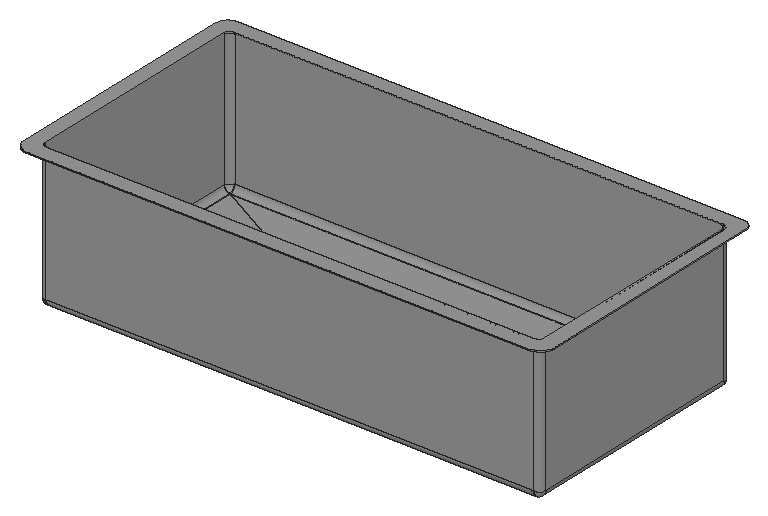
Revit family "BUILDMAT-SNA01017-Seville-900-Stainless Steel", category Plumbing Fixtures, host Face, Revit 2020
Family settings
  Host = Face
  Round Connector Dimension = Use Diameter
  Part Type = Normal
  Cut with Voids When Loaded = No
  Shared = No
  Room Calculation Point = No
Parameters (values of type "Seville 900x450x250mm")
  Width = 850.0 mm
  Undermount [instance] = 0.0 mm
  URL = "https://www.buildmat.com.au/products/900x450x250-single-bowl-sink"
  Side Sound Pad = yes
  Side Brackets = yes
  Model = "SNA01017"  # constant formula
  Middle Sound Pad = no
  Middle Bracket = yes
  Manufacturer URL = "https://www.buildmat.com.au/"
  Manufacturer = "BUILDMAT"  # constant formula
  Length = 400.0 mm
  Description = "BUILDMAT - Seville 900x450 XXLarge Single Bowl Sink"  # constant formula
  Depth = 250.0 mm
  Default Elevation = 1219.2 mm
  Created By URL = "https://www.buildmat.com.au/"
  Created By = "BUILDMAT"  # constant formula
  Created = "22.06.2022"  # constant formula
  Material = BUILDMAT Stainless Steel
Reference planes
  plane 1 "Center (Front/Back)": y = 0
  plane 2: z = 0
  plane 3 "Center (Left/Right)": x = 0
  plane 4 "Top Substrate": z = 0
  plane 5 "Left": x = -425
  plane 6 "Right": x = 425
  plane 7 "Back": y = 200
  plane 8 "Front": y = -200
  plane 9: x = -450
  plane 10: x = 450
  plane 11: y = -225
  plane 12: y = 225
  plane 13 "Bottom Void": z = -250
  plane 14: z = 1.5
  plane 15: x = -426.5
  plane 16: y = -201.5
  plane 17: x = 426.5
  plane 18: y = 201.5
  plane 19: z = -240
  plane 20: z = -230
  plane 21: x = -415
  plane 22: x = 415
  plane 23: y = -190
  plane 24: y = 190
  plane 25: z = -245
  plane 26: z = -241.5
  plane 27: z = -246.5
  plane 28: x = -100
  plane 29: x = 100
  plane 30 "Sound Pad": z = -130
  plane 31 "Front Bracket": y = -100
  plane 32 "Back Bracket": y = 100
  plane 33: x = -325
  plane 34: x = 325
  plane 35: x = -57
  plane 36: x = 57
  plane 37: x = -45
  plane 38: x = 45
Forms (mm)
  Extrusion 1, void
    sketch origin (0, 0, 0) x (1, 0, 0) y (0, 1, 0)
      loop
        arc (-415, 200) -> (-422.071, 197.071) -> (-425, 190) r 10
        line (-425, 190) -> (-425, -190)
        arc (-425, -190) -> (-422.071, -197.071) -> (-415, -200) r 10
        line (-415, -200) -> (415, -200)
        arc (415, -200) -> (422.071, -197.071) -> (425, -190) r 10
        line (425, -190) -> (425, 190)
        arc (425, 190) -> (422.071, 197.071) -> (415, 200) r 10
        line (415, 200) -> (-415, 200)
    from 0 to 1.5
  Extrusion 2, void
    sketch origin (0, 0, 0) x (1, 0, 0) y (0, 1, 0)
      loop
        line (-426.5, 201.5) -> (-426.5, -201.5) -> (426.5, -201.5) -> (426.5, 201.5) -> (-426.5, 201.5)
    from 0 to -250
  Extrusion 3, void
    sketch origin (0, 0, 0) x (1, 0, 0) y (0, 1, 0)
      loop
        arc (-430, 225) -> (-444.142, 219.142) -> (-450, 205) r 20
        line (-450, 205) -> (-450, -205)
        arc (-450, -205) -> (-444.142, -219.142) -> (-430, -225) r 20
        line (-430, -225) -> (430, -225)
        arc (430, -225) -> (444.142, -219.142) -> (450, -205) r 20
        line (450, -205) -> (450, 205)
        arc (450, 205) -> (444.142, 219.142) -> (430, 225) r 20
        line (430, 225) -> (-430, 225)
    from 1.5 to 0
  Extrusion 4, solid, material "BUILDMAT Stainless Steel" <- "Material"
    sketch origin (0, 0, 0) x (-1, 0, 0) y (0, -1, 0)
      loop
        arc (430, -225) -> (444.142, -219.142) -> (450, -205) r 20
        line (450, -205) -> (450, 205)
        arc (450, 205) -> (444.142, 219.142) -> (430, 225) r 20
        line (430, 225) -> (-430, 225)
        arc (-430, 225) -> (-444.142, 219.142) -> (-450, 205) r 20
        line (-450, 205) -> (-450, -205)
        arc (-450, -205) -> (-444.142, -219.142) -> (-430, -225) r 20
        line (-430, -225) -> (430, -225)
      loop
        arc (415, -200) -> (422.071, -197.071) -> (425, -190) r 10
        line (425, -190) -> (425, 190)
        arc (425, 190) -> (422.071, 197.071) -> (415, 200) r 10
        line (415, 200) -> (-415, 200)
        arc (-415, 200) -> (-422.071, 197.071) -> (-425, 190) r 10
        line (-425, 190) -> (-425, -190)
        arc (-425, -190) -> (-422.071, -197.071) -> (-415, -200) r 10
        line (-415, -200) -> (415, -200)
    from 0 to 1.5
  Extrusion 5, solid, material "BUILDMAT Stainless Steel" <- "Material"
    sketch origin (0, 0, 0) x (-1, 0, 0) y (0, -1, 0)
      loop
        arc (415, -201.5) -> (423.132, -198.132) -> (426.5, -190) r 11.5
        line (426.5, -190) -> (426.5, 190)
        arc (426.5, 190) -> (423.132, 198.132) -> (415, 201.5) r 11.5
        line (415, 201.5) -> (-415, 201.5)
        arc (-415, 201.5) -> (-423.132, 198.132) -> (-426.5, 190) r 11.5
        line (-426.5, 190) -> (-426.5, -190)
        arc (-426.5, -190) -> (-423.132, -198.132) -> (-415, -201.5) r 11.5
        line (-415, -201.5) -> (415, -201.5)
      loop
        arc (-415, 200) -> (-422.071, 197.071) -> (-425, 190) r 10
        line (-425, 190) -> (-425, -190)
        arc (-425, -190) -> (-422.071, -197.071) -> (-415, -200) r 10
        line (-415, -200) -> (415, -200)
        arc (415, -200) -> (422.071, -197.071) -> (425, -190) r 10
        line (425, -190) -> (425, 190)
        arc (425, 190) -> (422.071, 197.071) -> (415, 200) r 10
        line (415, 200) -> (-415, 200)
    from 0 to -230
  Revolve 6, solid, material "BUILDMAT Stainless Steel" <- "Material"
    sketch origin (-175.162, 190, 1219.2) x (-1, 0, 0) y (0, 0, 1)
      loop
        line (-600.162, -1449.2) -> (-601.662, -1449.2)
        arc (-601.662, -1449.2) -> (-598.293, -1457.332) -> (-590.162, -1460.7) r 11.5
        line (-590.162, -1460.7) -> (-590.162, -1459.2)
        arc (-590.162, -1459.2) -> (-597.233, -1456.271) -> (-600.162, -1449.2) r 10
      axis (-590.162, -1460.7) -> (-590.162, -1449.2)
    angle from 0 to -90
  Revolve 7, solid, material "BUILDMAT Stainless Steel" <- "Material"
    sketch origin (-175.162, 190, 1219.2) x (-1, 0, 0) y (0, 0, 1)
      loop
        arc (249.838, -1449.2) -> (246.909, -1456.271) -> (239.838, -1459.2) r 10
        line (239.838, -1459.2) -> (239.838, -1460.7)
        arc (239.838, -1460.7) -> (247.97, -1457.332) -> (251.338, -1449.2) r 11.5
        line (251.338, -1449.2) -> (249.838, -1449.2)
      axis (239.838, -1449.2) -> (239.838, -1460.7)
    angle from 0 to -90
  Revolve 8, solid, material "BUILDMAT Stainless Steel" <- "Material"
    sketch origin (-175.162, -190, 1219.2) x (-1, 0, 0) y (0, 0, 1)
      loop
        arc (249.838, -1449.2) -> (246.909, -1456.271) -> (239.838, -1459.2) r 10
        line (239.838, -1459.2) -> (239.838, -1460.7)
        arc (239.838, -1460.7) -> (247.97, -1457.332) -> (251.338, -1449.2) r 11.5
        line (251.338, -1449.2) -> (249.838, -1449.2)
      axis (239.838, -1449.2) -> (239.838, -1460.7)
    angle from 0 to 90
  Revolve 9, solid, material "BUILDMAT Stainless Steel" <- "Material"
    sketch origin (-175.162, -190, 1219.2) x (-1, 0, 0) y (0, 0, 1)
      loop
        line (-600.162, -1449.2) -> (-601.662, -1449.2)
        arc (-601.662, -1449.2) -> (-598.293, -1457.332) -> (-590.162, -1460.7) r 11.5
        line (-590.162, -1460.7) -> (-590.162, -1459.2)
        arc (-590.162, -1459.2) -> (-597.233, -1456.271) -> (-600.162, -1449.2) r 10
      axis (-590.162, -1449.2) -> (-590.162, -1460.7)
    angle from 0 to 90
  Extrusion 10, solid, material "BUILDMAT Stainless Steel" <- "Material"
    sketch origin (0, 0, 0) x (1, 0, 0) y (0, 0, 1)
      loop
        line (-425, -230) -> (-426.5, -230)
        arc (-426.5, -230) -> (-423.132, -238.132) -> (-415, -241.5) r 11.5
        line (-415, -241.5) -> (-415, -240)
        arc (-415, -240) -> (-422.071, -237.071) -> (-425, -230) r 10
    from -190 to 190
  Extrusion 11, solid, material "BUILDMAT Stainless Steel" <- "Material"
    sketch origin (0, 0, 0) x (1, 0, 0) y (0, 0, 1)
      loop
        arc (425, -230) -> (422.071, -237.071) -> (415, -240) r 10
        line (415, -240) -> (415, -241.5)
        arc (415, -241.5) -> (423.132, -238.132) -> (426.5, -230) r 11.5
        line (426.5, -230) -> (425, -230)
    from -190 to 190
  Extrusion 12, solid, material "BUILDMAT Stainless Steel" <- "Material"
    sketch origin (0, 0, 0) x (0, 1, 0) y (0, 0, 1)
      loop
        arc (200, -230) -> (197.071, -237.071) -> (190, -240) r 10
        line (190, -240) -> (190, -241.5)
        arc (190, -241.5) -> (198.132, -238.132) -> (201.5, -230) r 11.5
        line (201.5, -230) -> (200, -230)
    from -415 to 415
  Extrusion 13, solid, material "BUILDMAT Stainless Steel" <- "Material"
    sketch origin (0, 0, 0) x (0, 1, 0) y (0, 0, 1)
      loop
        line (-200, -230) -> (-201.5, -230)
        arc (-201.5, -230) -> (-198.132, -238.132) -> (-190, -241.5) r 11.5
        line (-190, -241.5) -> (-190, -240)
        arc (-190, -240) -> (-197.071, -237.071) -> (-200, -230) r 10
    from -415 to 415
  Revolve 14, solid, material "BUILDMAT Stainless Steel" <- "Material"
    sketch origin (0, 0, 0) x (1, 0, 0) y (0, 0, 1)
      loop
        line (-45, -250) -> (-45, -248.5)
        spline (-45, -248.5) -> (-46.484, -248.459) -> (-47.939, -248.339) -> (-49.337, -248.141) -> (-50.649, -247.871) -> (-51.848, -247.537) -> (-52.908, -247.151) -> (-53.805, -246.726) -> (-54.514, -246.283) -> (-55.023, -245.856) -> (-55.329, -245.483) -> (-55.468, -245.202) -> (-55.5, -245)
        line (-55.5, -245) -> (-57, -245)
        spline (-57, -245) -> (-56.897, -245.653) -> (-56.591, -246.294) -> (-56.087, -246.913) -> (-55.392, -247.5) -> (-54.52, -248.044) -> (-53.485, -248.536) -> (-52.305, -248.967) -> (-51, -249.33) -> (-49.592, -249.619) -> (-48.106, -249.83) -> (-46.566, -249.957) -> (-45, -250)
      axis (0, -245) -> (0, -250)
    angle from 0 to 360
  Blend 15, solid, material "BUILDMAT Stainless Steel" <- "Material"
    base sketch origin (0, 0, 0) x (-1, 0, 0) y (0, -1, 0)
      loop
        circle (0, 0) r 57
    top sketch origin (0, 0, 0) x (-1, 0, 0) y (0, -1, 0)
      loop
        line (415, -190) -> (415, 190) -> (-415, 190) -> (-415, -190) -> (415, -190)
    from -246.5 to -241.5
  Blend 16, void
    base sketch origin (0, 0, 0) x (-1, 0, 0) y (0, -1, 0)
      loop
        circle (0, 0) r 57
    top sketch origin (0, 0, 0) x (-1, 0, 0) y (0, -1, 0)
      loop
        line (415, -190) -> (415, 190) -> (-415, 190) -> (-415, -190) -> (415, -190)
    from -245 to -240
  Extrusion 17, solid, material "BUILDMAT Stainless Steel" <- "Material"
    sketch origin (0, 0, 0) x (-1, 0, 0) y (0, -1, 0)
      loop
        line (415, -190) -> (415, 190) -> (-415, 190) -> (-415, -190) -> (415, -190)
    from -241.5 to -240
  Extrusion 18, void
    sketch origin (0, 0, 0) x (-1, 0, 0) y (0, -1, 0)
      loop
        circle (0, 0) r 57
    from -250 to -230
Cuts and joins
  joined: Extrusion 4, Extrusion 5
  joined: Revolve 6, Revolve 9
  joined: Revolve 7, Revolve 8
  Blend 16, Extrusion 18 cuts Blend 15
  Blend 16, Extrusion 18 cuts Extrusion 17
  joined: Blend 15, Extrusion 17
Lines and regions (mm)
  Masking region 1
    outline origin (0, 0, 0) x (1, 0, 0) y (0, 0, 1)
      loop
        line (425, 0) -> (-425, 0) -> (-425, -230)
        arc (-425, -230) -> (-422.071, -237.071) -> (-415, -240) r 10
        line (-415, -240) -> (-57, -245) -> (57, -245) -> (415, -240)
        arc (415, -240) -> (422.071, -237.071) -> (425, -230) r 10
        line (425, -230) -> (425, 0)
  Masking region 2
    outline origin (0, 0, 0) x (1, 0, 0) y (0, 0, 1)
      loop
        line (-100, -245.899) -> (-100, -250) -> (-57, -250) -> (-57, -246.5) -> (-100, -245.899)
  Masking region 3
    outline origin (0, 0, 0) x (1, 0, 0) y (0, 0, 1)
      loop
        line (57, -246.5) -> (57, -250) -> (100, -250) -> (100, -245.899) -> (57, -246.5)
Text (mm)
  text "Refer to www.buildmat.com.au for the most current product literature. \nAllow a +/- 5mm tolerance for dimensions shown in the product literature. \nPlease note product details are subject to change due to ongoing product development." at (0.056, -1035.857, 0), in view "Ref. Level"
Dimensions and locks
  "Undermount": plane 2 to plane 4 "Top Substrate"
  equal spacing: plane 5 "Left", plane 3 "Center (Left/Right)", plane 6 "Right"
  "Width": plane 5 "Left" to plane 6 "Right"
  "Length": plane 7 "Back" to plane 8 "Front"
  equal spacing: plane 7 "Back", plane 1 "Center (Front/Back)", plane 8 "Front"
  locked: plane 12 to plane 7 "Back" at 25
  locked: plane 8 "Front" to plane 11 at 25
  locked: plane 9 to plane 5 "Left" at 25
  locked: plane 6 "Right" to plane 10 at 25
  "Depth": plane 4 "Top Substrate" to plane 13 "Bottom Void"
  locked: plane 14 to plane 4 "Top Substrate" at 1.5
  locked: plane 18 to plane 7 "Back" at 1.5
  locked: plane 8 "Front" to plane 16 at 1.5
  plane 15 to plane 5 "Left" = 1.5 mm
  plane 6 "Right" to plane 17 = 1.5 mm
  plane 20 to plane 19 to plane 13 "Bottom Void" = 10.0 mm, 10.0 mm
  locked: plane 5 "Left" to plane 21 at 10
  locked: plane 22 to plane 6 "Right" at 10
  locked: plane 7 "Back" to plane 24 at 10
  locked: plane 23 to plane 8 "Front" at 10
  locked: plane 19 to plane 26 at 1.5
  locked: plane 25 to plane 13 "Bottom Void" at 5
  locked: plane 25 to plane 27 at 1.5
  plane 29 to plane 3 "Center (Left/Right)" to plane 28 = 100.0 mm locked, 100.0 mm locked
  locked: plane 30 "Sound Pad" to plane 13 "Bottom Void" at 120
  locked: plane 7 "Back" to plane 32 "Back Bracket" at 100
  locked: plane 31 "Front Bracket" to plane 8 "Front" at 100
  locked: plane 33 to plane 5 "Left" at 100
  locked: plane 6 "Right" to plane 34 at 100
  equal spacing: plane 3 "Center (Left/Right)", nested 15, plane 33
  equal spacing: plane 34, nested 16, plane 3 "Center (Left/Right)"
  plane 37 to plane 3 "Center (Left/Right)" to plane 38 = 45.0 mm locked, 45.0 mm locked
  plane 35 to plane 3 "Center (Left/Right)" to plane 36 = 57.0 mm locked, 57.0 mm locked
  aligned and locked: plane 2 to host face
  aligned and locked: level to host face
  aligned and locked: plane 8 "Front" to Extrusion 1 sketch curve
  aligned and locked: Extrusion 1 sketch curve to plane 7 "Back"
  aligned and locked: plane 5 "Left" to Extrusion 1 sketch curve
  aligned and locked: Extrusion 1 sketch curve to plane 6 "Right"
  aligned and locked: plane 2 to Extrusion 1
  aligned and locked: plane 14 to Extrusion 1
  aligned and locked: Extrusion 2 sketch curve to plane 16
  aligned and locked: Extrusion 2 sketch curve to plane 18
  aligned and locked: plane 15 to Extrusion 2 sketch curve
  aligned and locked: plane 17 to Extrusion 2 sketch curve
  aligned and locked: Extrusion 2 to plane 13 "Bottom Void"
  aligned and locked: plane 4 "Top Substrate" to Extrusion 2
  aligned and locked: Extrusion 3 sketch curve to plane 11
  aligned and locked: plane 9 to Extrusion 3 sketch curve
  aligned and locked: Extrusion 3 sketch curve to plane 10
  aligned and locked: Extrusion 3 sketch curve to plane 12
  aligned and locked: Extrusion 3 to plane 4 "Top Substrate"
  aligned and locked: Extrusion 3 to plane 14
  aligned and locked: Extrusion 4 sketch curve to plane 11
  aligned and locked: Extrusion 4 sketch curve to plane 12
  aligned and locked: plane 9 to Extrusion 4 sketch curve
  aligned and locked: Extrusion 4 sketch curve to plane 10
  aligned and locked: plane 5 "Left" to Extrusion 4 sketch curve
  aligned and locked: Extrusion 4 sketch curve to plane 6 "Right"
  aligned and locked: Extrusion 4 sketch curve to plane 7 "Back"
  aligned and locked: plane 8 "Front" to Extrusion 4 sketch curve
  aligned and locked: Extrusion 5 sketch curve to plane 7 "Back"
  aligned and locked: plane 5 "Left" to Extrusion 5 sketch curve
  aligned and locked: Extrusion 5 sketch curve to plane 6 "Right"
  aligned and locked: plane 8 "Front" to Extrusion 5 sketch curve
  aligned and locked: plane 15 to Extrusion 5 sketch curve
  aligned and locked: Extrusion 5 sketch curve to plane 16
  aligned and locked: plane 17 to Extrusion 5 sketch curve
  aligned and locked: Extrusion 5 sketch curve to plane 18
  aligned and locked: Extrusion 5 to plane 20
  aligned and locked: plane 4 "Top Substrate" to Extrusion 5
  aligned and locked: Extrusion 11 to plane 23
  aligned and locked: plane 24 to Extrusion 11
  aligned and locked: plane 24 to Extrusion 10
  aligned and locked: Extrusion 10 to plane 23
  aligned and locked: Extrusion 13 to plane 21
  aligned and locked: plane 22 to Extrusion 13
  aligned and locked: plane 22 to Extrusion 12
  aligned and locked: Extrusion 12 to plane 21
  aligned and locked: plane 21 to Blend 15 sketch curve
  aligned and locked: Blend 15 sketch curve to plane 22
  aligned and locked: Blend 15 sketch curve to plane 23
  aligned and locked: Blend 15 sketch curve to plane 24
  aligned and locked: plane 27 to Blend 15
  aligned and locked: Blend 15 to plane 26
  aligned and locked: Blend 16 sketch curve to plane 24
  aligned and locked: plane 21 to Blend 16 sketch curve
  aligned and locked: Blend 16 sketch curve to plane 22
  aligned and locked: Blend 16 sketch curve to plane 23
  aligned and locked: Blend 16 to plane 25
  aligned and locked: Blend 16 to plane 19
  aligned and locked: Extrusion 17 sketch curve to plane 24
  aligned and locked: Extrusion 17 sketch curve to plane 23
  aligned and locked: plane 21 to Extrusion 17 sketch curve
  aligned and locked: Extrusion 17 sketch curve to plane 22
  aligned and locked: Extrusion 17 to plane 26
  aligned and locked: Extrusion 17 to plane 19
  aligned and locked: Extrusion 18 to plane 13 "Bottom Void"
  aligned and locked: plane 20 to Extrusion 18
  aligned and locked: cut or joined group of Blend 15, Blend 16, Extrusion 17, Extrusion 18 to Masking region 2 sketch curve
  aligned and locked: Masking region 3 sketch curve to cut or joined group of Blend 15, Blend 16, Extrusion 17, Extrusion 18
  aligned and locked: plane 3 "Center (Left/Right)" to nested 1
  aligned and locked: nested 1 to plane 4 "Top Substrate"
  aligned and locked: plane 3 "Center (Left/Right)" to nested 2
  aligned and locked: nested 2 to plane 30 "Sound Pad"
  aligned and locked: nested 3 to plane 18
  aligned and locked: plane 3 "Center (Left/Right)" to nested 3
  aligned and locked: plane 16 to nested 4
  aligned and locked: nested 4 to plane 3 "Center (Left/Right)"
  aligned and locked: plane 31 "Front Bracket" to nested 6
  aligned and locked: plane 15 to nested 6
  aligned and locked: plane 31 "Front Bracket" to nested 8
  aligned and locked: plane 17 to nested 8
  aligned and locked: plane 32 "Back Bracket" to nested 7
  aligned and locked: plane 17 to nested 7
  aligned and locked: plane 32 "Back Bracket" to nested 5
  aligned and locked: plane 15 to nested 5
  aligned and locked: nested 9 to plane 4 "Top Substrate"
  aligned and locked: nested 9 to plane 33
  aligned and locked: nested 10 to plane 4 "Top Substrate"
  aligned and locked: nested 10 to plane 34
  aligned and locked: nested 13 to plane 33
  aligned and locked: nested 14 to plane 34
  aligned and locked: plane 16 to nested 13
  aligned and locked: nested 14 to plane 16
  aligned and locked: plane 33 to nested 11
  aligned and locked: nested 11 to plane 18
  aligned and locked: plane 34 to nested 12
  aligned and locked: plane 18 to nested 12
  aligned and locked: nested 15 to plane 30 "Sound Pad"
  aligned and locked: nested 16 to plane 30 "Sound Pad"
  aligned and locked: nested 17 to plane 23
  aligned and locked: nested 17 to plane 24
  aligned and locked: plane 22 to nested 17
  aligned and locked: plane 21 to nested 17
  aligned and locked: plane 3 "Center (Left/Right)" to nested 18
  aligned and locked: plane 1 "Center (Front/Back)" to nested 18
  aligned and locked: plane 4 "Top Substrate" to Masking region 1
Automatic sketch dimensions
  host sketch curve to host sketch curve = 2438.4 mm  (x2)
  plane 5 "Left" to Extrusion 1 sketch curve = 10.0 mm  (x2)
  Extrusion 1 sketch curve to plane 6 "Right" = 10.0 mm  (x2)
  Extrusion 4 sketch curve to plane 10 = 20.0 mm  (x2)
  Extrusion 4 sketch curve to Extrusion 4 sketch curve = 10.0 mm  (x2)
  plane 5 "Left" to Extrusion 4 sketch curve = 10.0 mm
  plane 9 to Extrusion 4 sketch curve = 20.0 mm
  plane 8 "Front" to Extrusion 4 sketch curve = 10.0 mm
  plane 11 to Extrusion 4 sketch curve = 20.0 mm
  Extrusion 3 sketch curve to plane 5 "Left" = 5.0 mm
  plane 6 "Right" to Extrusion 3 sketch curve = 5.0 mm  (x2)
  plane 7 "Back" to Extrusion 3 sketch curve = 5.0 mm
  plane 5 "Left" to Extrusion 5 sketch curve = 10.0 mm
  Extrusion 5 sketch curve to plane 6 "Right" = 10.0 mm
  plane 8 "Front" to Extrusion 5 sketch curve = 10.0 mm
  Extrusion 5 sketch curve to plane 7 "Back" = 10.0 mm
  Extrusion 5 sketch curve to Extrusion 5 sketch curve = 0.0 mm  (x4)
  Revolve 6 sketch curve to Revolve 6 sketch curve = 0.0 mm  (x3)
  plane 17 to Revolve 6 sketch curve = 0.0 mm
  Revolve 6 sketch curve to plane 6 "Right" = 0.0 mm
  Revolve 6 sketch curve to plane 22 = 0.0 mm  (x2)
  Revolve 6 sketch curve to plane 19 = 0.0 mm
  Revolve 6 sketch curve to plane 20 = 0.0 mm
  Revolve 7 sketch curve to Revolve 7 sketch curve = 0.0 mm  (x3)
  Revolve 7 sketch curve to plane 20 = 0.0 mm  (x2)
  Revolve 7 sketch curve to plane 21 = 0.0 mm  (x2)
  Revolve 7 sketch curve to plane 5 "Left" = 0.0 mm
  Revolve 7 sketch curve to plane 15 = 0.0 mm
  Revolve 8 sketch curve to Revolve 8 sketch curve = 0.0 mm  (x3)
  Revolve 8 sketch curve to plane 20 = 0.0 mm  (x2)
  Revolve 8 sketch curve to plane 21 = 0.0 mm  (x2)
  Revolve 8 sketch curve to plane 5 "Left" = 0.0 mm
  Revolve 8 sketch curve to plane 15 = 0.0 mm
  Revolve 9 sketch curve to Revolve 9 sketch curve = 0.0 mm  (x3)
  plane 17 to Revolve 9 sketch curve = 0.0 mm
  Revolve 9 sketch curve to plane 6 "Right" = 0.0 mm
  Revolve 9 sketch curve to plane 22 = 0.0 mm  (x2)
  Revolve 9 sketch curve to plane 20 = 0.0 mm
  Revolve 9 sketch curve to plane 19 = 0.0 mm
  Extrusion 10 sketch curve to plane 15 = 0.0 mm
  Extrusion 10 sketch curve to plane 5 "Left" = 0.0 mm
  Extrusion 10 sketch curve to plane 19 = 0.0 mm
  Extrusion 10 sketch curve to plane 21 = 0.0 mm
  Extrusion 11 sketch curve to plane 20 = 0.0 mm
  Extrusion 11 sketch curve to plane 22 = 0.0 mm
  Extrusion 11 sketch curve to plane 6 "Right" = 0.0 mm
  plane 17 to Extrusion 11 sketch curve = 0.0 mm
  Extrusion 12 sketch curve to plane 20 = 0.0 mm
  Extrusion 12 sketch curve to plane 24 = 0.0 mm
  Extrusion 12 sketch curve to plane 7 "Back" = 0.0 mm
  Extrusion 12 sketch curve to plane 18 = 0.0 mm
  Extrusion 13 sketch curve to plane 16 = 0.0 mm
  Extrusion 13 sketch curve to plane 8 "Front" = 0.0 mm
  Extrusion 13 sketch curve to plane 23 = 0.0 mm
  Extrusion 13 sketch curve to plane 19 = 0.0 mm
  Revolve 14 sketch curve to plane 25 = 0.0 mm
  Revolve 14 sketch curve to plane 13 "Bottom Void" = 0.0 mm  (x2)
  Revolve 14 sketch curve to plane 3 "Center (Left/Right)" = 0.0 mm
  Revolve 14 sketch curve to plane 20 = 0.0 mm
  Revolve 14 sketch curve to plane 3 "Center (Left/Right)" = 45.0 mm
  Revolve 14 sketch curve to Revolve 14 sketch curve = 10.5 mm
  Revolve 14 sketch curve to Revolve 14 sketch curve = 1.5 mm  (x2)
  Revolve 14 sketch curve to Revolve 14 sketch curve = 0.0 mm
  plane 1 "Center (Front/Back)" to Blend 15 sketch curve = 0.0 mm
  Blend 15 sketch curve to plane 3 "Center (Left/Right)" = 0.0 mm
  plane 1 "Center (Front/Back)" to Blend 16 sketch curve = 0.0 mm
  Blend 16 sketch curve to plane 3 "Center (Left/Right)" = 0.0 mm
  plane 1 "Center (Front/Back)" to Extrusion 18 sketch curve = 0.0 mm
  Extrusion 18 sketch curve to plane 3 "Center (Left/Right)" = 0.0 mm
  Masking region 1 sketch curve to level = 0.0 mm
  Masking region 1 sketch curve to plane 20 = 0.0 mm
  Masking region 1 sketch curve to plane 21 = 0.0 mm
  Masking region 1 sketch curve to plane 25 = 0.0 mm
  Masking region 1 sketch curve to plane 3 "Center (Left/Right)" = 57.0 mm
  plane 3 "Center (Left/Right)" to Masking region 1 sketch curve = 57.0 mm
  Masking region 1 sketch curve to plane 19 = 0.0 mm
  Masking region 1 sketch curve to plane 22 = 0.0 mm
  Masking region 1 sketch curve to plane 6 "Right" = 0.0 mm
  Masking region 1 sketch curve to plane 5 "Left" = 0.0 mm
  Masking region 2 sketch curve to plane 28 = 0.0 mm
  Masking region 2 sketch curve to plane 13 "Bottom Void" = 0.0 mm
  Masking region 2 sketch curve to plane 27 = 0.0 mm
  Masking region 3 sketch curve to plane 27 = 0.0 mm
  Masking region 3 sketch curve to plane 13 "Bottom Void" = 0.0 mm
  Masking region 3 sketch curve to plane 29 = 0.0 mm
  radius of Blend 15 sketch curve = 57.0 mm
  radius of Blend 16 sketch curve = 57.0 mm
  radius of Extrusion 18 sketch curve = 57.0 mm
Nested families
  nested 1: "TMB_Front" at (0, 0, 0) x (1, 0, 0) z (0, -1, 0), visible <- "Middle Bracket", type "TMB_Front"
  nested 2: "SP_Front" at (0, 0, -130) x (1, 0, 0) z (0, -1, 0), visible <- "Middle Sound Pad", type "SP_Front"
  nested 3: "TMB_Plan" at (0, 201.5, 0), visible <- "Middle Bracket", type "TMB_Plan"
  nested 4: "TMB_Plan" at (0, -201.5, 0) x (-1, 0, 0) z (0, 0, 1), visible <- "Middle Bracket", type "TMB_Plan"
  nested 5: "TMB_Plan" at (-426.5, 100, 0) x (0, 1, 0) z (0, 0, 1), type "TMB_Plan"
  nested 6: "TMB_Plan" at (-426.5, -100, 0) x (0, 1, 0) z (0, 0, 1), type "TMB_Plan"
  nested 7: "TMB_Plan" at (426.5, 100, 0) x (0, -1, 0) z (0, 0, 1), type "TMB_Plan"
  nested 8: "TMB_Plan" at (426.5, -100, 0) x (0, -1, 0) z (0, 0, 1), type "TMB_Plan"
  nested 9: "TMB_Front" at (-325, 0, 0) x (1, 0, 0) z (0, -1, 0), visible <- "Side Brackets", type "TMB_Front"
  nested 10: "TMB_Front" at (325, 0, 0) x (1, 0, 0) z (0, -1, 0), visible <- "Side Brackets", type "TMB_Front"
  nested 11: "TMB_Plan" at (-325, 201.5, 0), visible <- "Side Brackets", type "TMB_Plan"
  nested 12: "TMB_Plan" at (325, 201.5, 0), visible <- "Side Brackets", type "TMB_Plan"
  nested 13: "TMB_Plan" at (-325, -201.5, 0) x (-1, 0, 0) z (0, 0, 1), visible <- "Side Brackets", type "TMB_Plan"
  nested 14: "TMB_Plan" at (325, -201.5, 0) x (-1, 0, 0) z (0, 0, 1), visible <- "Side Brackets", type "TMB_Plan"
  nested 15: "SP_Front" at (-162.5, 0, -130) x (1, 0, 0) z (0, -1, 0), visible <- "Side Sound Pad", type "SP_Front"
  nested 16: "SP_Front" at (162.5, 0, -130) x (1, 0, 0) z (0, -1, 0), visible <- "Side Sound Pad", type "SP_Front"
  nested 17: "BOWL Plan" at (0, 0, -130), type "BOWL Plan"
    with Width 830.0 mm, Lenght 380.0 mm
  nested 18: "DRAIN" at (0, 0, 0), type "DRAIN"
Definition of nested family "TMB_Front"
  Reference planes
    plane 1 "Center (Elevation)": y = 0
    plane 2: z = 0
    plane 3 "Center (Left/Right)": x = 0
  Lines and regions (mm)
    Masking region 1, in view "Ref. Level"
      outline origin (0, 0, 0) x (1, 0, 0) y (0, 1, 0)
        loop
          line (-17.5, 0) -> (-17.5, -80) -> (17.5, -80) -> (17.5, 0) -> (-17.5, 0)
    detail lines, in view "Ref. Level"
      curve 1: line (-17.5, 0, 0) -> (-17.5, -80, 0)
      curve 2: line (-17.5, -80, 0) -> (17.5, -80, 0)
      curve 3: line (17.5, -80, 0) -> (17.5, 0, 0)
      curve 4: line (-12.5, -50, 0) -> (12.5, -50, 0)
      curve 5: line (-12.5, -75, 0) -> (-12.5, -50, 0)
      curve 6: line (12.5, -75, 0) -> (-12.5, -75, 0)
      curve 7: line (12.5, -50, 0) -> (12.5, -75, 0)
Definition of nested family "SP_Front"
  Reference planes
    plane 1 "Center (Elevation)": y = 0
    plane 2: z = 0
    plane 3 "Center (Left/Right)": x = 0
  Lines and regions (mm)
    Masking region 1, in view "Ref. Level"
      outline origin (0, 0, 0) x (1, 0, 0) y (0, 1, 0)
        loop
          arc (-50, 40) -> (-57.071, 37.071) -> (-60, 30) r 10
          line (-60, 30) -> (-60, -30)
          arc (-60, -30) -> (-57.071, -37.071) -> (-50, -40) r 10
          line (-50, -40) -> (50, -40)
          arc (50, -40) -> (57.071, -37.071) -> (60, -30) r 10
          line (60, -30) -> (60, 30)
          arc (60, 30) -> (57.071, 37.071) -> (50, 40) r 10
          line (50, 40) -> (-50, 40)
    detail lines, in view "Ref. Level"
      curve 1: line (-50, 40, 0) -> (50, 40, 0)
      curve 2: line (50, -40, 0) -> (-50, -40, 0)
      curve 3: line (60, 30, 0) -> (60, -30, 0)
      curve 4: line (-60, 30, 0) -> (-60, -30, 0)
      curve 5: arc (-50, 40, 0) -> (-57.071, 37.071, 0) -> (-60, 30, 0) r 10
      curve 6: arc (-60, -30, 0) -> (-57.071, -37.071, 0) -> (-50, -40, 0) r 10
      curve 7: arc (50, -40, 0) -> (57.071, -37.071, 0) -> (60, -30, 0) r 10
      curve 8: arc (60, 30, 0) -> (57.071, 37.071, 0) -> (50, 40, 0) r 10
  Dimensions and locks
    aligned and locked: Masking region 1 sketch curve to curve 1
    aligned and locked: Masking region 1 sketch curve to curve 4
    aligned and locked: Masking region 1 sketch curve to curve 2
    aligned and locked: Masking region 1 sketch curve to curve 3
Definition of nested family "TMB_Plan"
  Reference planes
    plane 1 "Center (Front/Back)": y = 0
    plane 2: z = 0
    plane 3 "Center (Left/Right)": x = 0
  Lines and regions (mm)
    detail lines, in view "Ref. Level"
      curve 1: line (-17.5, 0, 0) -> (17.5, 0, 0)
      curve 2: line (17.5, 0, 0) -> (17.5, 5, 0)
      curve 3: line (17.5, 5, 0) -> (12.5, 5, 0)
      curve 4: line (-17.5, 0, 0) -> (-17.5, 5, 0)
      curve 5: line (-17.5, 5, 0) -> (-12.5, 5, 0)
Definition of nested family "BOWL Plan"
  Parameters (values of type "BOWL Plan")
    Width [instance] = 600.0 mm
    Lenght [instance] = 400.0 mm
  Reference planes
    plane 1 "Center (Front/Back)": y = 0
    plane 2: z = 0
    plane 3 "Center (Left/Right)": x = 0
    plane 4 "Left": x = -300
    plane 5 "Right": x = 300
    plane 6 "Back": y = 200
    plane 7 "Front": y = -200
  Lines and regions (mm)
    Masking region 1, in view "Ref. Level"
      outline origin (0, 0, 0) x (1, 0, 0) y (0, 1, 0)
        loop
          line (-300, 200) -> (-300, -200) -> (300, -200) -> (300, 200) -> (-300, 200)
    detail lines, in view "Ref. Level"
      curve 1: line (-300, 200, 0) -> (300, -200, 0)
      curve 2: line (-300, -200, 0) -> (300, 200, 0)
  Dimensions and locks
    equal spacing: plane 6 "Back", plane 1 "Center (Front/Back)", plane 7 "Front"
    "Lenght": plane 6 "Back" to plane 7 "Front"
    equal spacing: plane 4 "Left", plane 3 "Center (Left/Right)", plane 5 "Right"
    "Width": plane 4 "Left" to plane 5 "Right"
    aligned and locked: plane 4 "Left" to Masking region 1 sketch curve
    aligned and locked: Masking region 1 sketch curve to plane 5 "Right"
    aligned and locked: plane 7 "Front" to Masking region 1 sketch curve
    aligned and locked: Masking region 1 sketch curve to plane 6 "Back"
  Automatic sketch dimensions
    curve 2 to plane 4 "Left" = 0.0 mm
    curve 1 to plane 4 "Left" = 0.0 mm
    curve 2 to plane 5 "Right" = 0.0 mm
    curve 1 to plane 5 "Right" = 0.0 mm
    curve 1 to plane 7 "Front" = 0.0 mm
    curve 2 to plane 7 "Front" = 0.0 mm
    curve 2 to plane 6 "Back" = 0.0 mm
    curve 1 to plane 6 "Back" = 0.0 mm
Definition of nested family "DRAIN"
  Reference planes
    plane 1 "Center (Front/Back)": y = 0
    plane 2: z = 0
    plane 3 "Center (Left/Right)": x = 0
  Lines and regions (mm)
    Masking region 1, in view "Ref. Level"
      outline origin (0, 0, 0) x (1, 0, 0) y (0, 1, 0)
        loop
          circle (0, 0) r 57
    detail lines, in view "Ref. Level"
      curve 1: circle (0, 0, 0) r 45 normal (0, 0, 1)
      curve 2: circle (0, 0, 0) r 55.5 normal (0, 0, 1)
